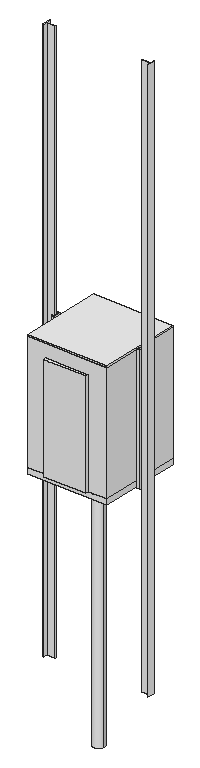
Revit family
Parameters (values of type "1500 lbs")
  Cab Location = 12' - 0"
  Width = 6' - 8"
  Pit Depth = 4' - 0"
  Height [instance] = 36' - 0"
  Door Opening = 2' - 8"
  Depth = 5' - 9"
  Cab Width = 4' - 10"
  Cab Height = 7' - 6"
  Cab Depth = 5' - 0"
Types (6): name | Width | Door Opening | Depth | Cab Width | Cab Depth
  (no name) | 6' - 8" | 2' - 8" | 5' - 9" | 4' - 10" | 5' - 0"
  1500 lbs | 6' - 8" | 2' - 8" | 5' - 9" | 4' - 10" | 5' - 0"
  2000 lbs | 7' - 4" | 3' - 0" | 5' - 9" | 6' - 0" | 5' - 0"
  2500 lbs | 8' - 4" | 3' - 6" | 5' - 9" | 7' - 0" | 5' - 0"
  3000 lbs | 8' - 4" | 3' - 6" | 6' - 3" | 7' - 0" | 5' - 6"
  3500 lbs | 8' - 4" | 4' - 0" | 6' - 11" | 7' - 0" | 6' - 2"
Reference planes (in)
  plane 1 "Center (Front/Back)": y = 0.1111
  plane 2: z = 0
  plane 3 "Center (Left/Right)": x = 0.29319
  plane 4 "Back": y = 34.6111
  plane 5 "Front": y = -34.3889
  plane 6 "Left": x = -39.70681
  plane 7 "Right": x = 40.29319
  plane 8: x = -28.70681
  plane 9: y = 31.6111
  plane 10: x = 29.29319
  plane 11: y = -28.3889
  plane 12: z = 432
  plane 13: z = -48
  plane 14: z = 144
  plane 15: z = 234
  plane 16: z = 140
  plane 17: z = 235
  plane 18: x = -15.70681
  plane 19: z = 224
  plane 20: x = 16.29319
Forms (in)
  Extrusion 1, solid, material "Metal - Steel"
    sketch origin (0, 0, 0) x (1, 0, 0) y (0, 1, 0)
      loop
        line (-28.70681, 31.6111) -> (-28.70681, -28.3889) -> (29.29319, -28.3889) -> (29.29319, 31.6111) -> (-28.70681, 31.6111)
      loop
        line (-30.20681, 33.1111) -> (-30.20681, -29.8889) -> (30.79319, -29.8889) -> (30.79319, 33.1111) -> (-30.20681, 33.1111)
    from 144 to 234
  Extrusion 2, solid, material "Metal - Steel"
    sketch origin (0, 0, 0) x (1, 0, 0) y (0, 1, 0)
      loop
        circle (0.29319, 0.1111) r 4
    from -48 to 140
  Extrusion 3, solid, material "Metal - Steel"
    sketch origin (0, 0, 0) x (1, 0, 0) y (0, 1, 0)
      loop
        line (-30.20681, 33.1111) -> (-30.20681, -29.8889) -> (30.79319, -29.8889) -> (30.79319, 33.1111) -> (-30.20681, 33.1111)
    from 140 to 144
  Extrusion 4, solid, material "Metal - Steel"
    sketch origin (0, 0, 0) x (1, 0, 0) y (0, 1, 0)
      loop
        line (-30.20681, 33.1111) -> (-30.20681, -29.8889) -> (30.79319, -29.8889) -> (30.79319, 33.1111) -> (-30.20681, 33.1111)
    from 234 to 235
  Extrusion 5, void
    sketch origin (0, 0.1111, 0) x (1, 0, 0) y (0, 0, 1)
      loop
        line (-15.70681, 224) -> (-15.70681, 144) -> (16.29319, 144) -> (16.29319, 224) -> (-15.70681, 224)
    from 28.5 to 30
  Extrusion 6, solid, material "Metal - Steel"
    sketch origin (0, 0.25, 0) x (1, 0, 0) y (0, 1, 0)
      loop
        line (-15.70681, -30.3889) -> (-15.70681, -32.3889) -> (16.29319, -32.3889) -> (16.29319, -30.3889) -> (-15.70681, -30.3889)
    from 144 to 224
  Extrusion 7, solid, material "Metal - Steel", detail levels medium+fine
    sketch origin (0, 0, 0) x (1, 0, 0) y (0, 1, 0)
      loop
        line (-39.70681, 3.1111) -> (-39.70681, -2.8889) -> (-39.20681, -2.8889) -> (-39.20681, -0.1389) -> (-32.95681, -0.1389) -> (-32.95681, 0.3611) -> (-39.20681, 0.3611) -> (-39.20681, 3.1111) -> (-39.70681, 3.1111)
      loop
        line (40.29319, 3.1111) -> (39.79319, 3.1111) -> (39.79319, 0.3611) -> (33.54319, 0.3611) -> (33.54319, -0.1389) -> (39.79319, -0.1389) -> (39.79319, -2.8889) -> (40.29319, -2.8889) -> (40.29319, 3.1111)
    from 0 to 432
  Extrusion 8, solid, material "Metal - Steel", detail levels medium+fine
    sketch origin (0, 0, 0) x (1, 0, 0) y (0, 1, 0)
      loop
        line (-33.45681, 3.1111) -> (-33.45681, 2.6111) -> (-31.95681, 2.6111) -> (-31.95681, -2.3889) -> (-33.45681, -2.3889) -> (-33.45681, -2.8889) -> (-31.45681, -2.8889) -> (-31.45681, 3.1111) -> (-33.45681, 3.1111)
      loop
        line (34.04319, 3.1111) -> (32.04319, 3.1111) -> (32.04319, -2.8889) -> (34.04319, -2.8889) -> (34.04319, -2.3889) -> (32.54319, -2.3889) -> (32.54319, 2.6111) -> (34.04319, 2.6111) -> (34.04319, 3.1111)
    from 140 to 235
Cuts and joins
  Extrusion 5 cuts Extrusion 1
  Extrusion 5 cuts Extrusion 2
  Extrusion 5 cuts Extrusion 3
  Extrusion 5 cuts Extrusion 4
Lines and regions (in)
  symbolic lines, style "InvisibleLines"
    curve 1: line (-39.70681, 34.6111, 0) -> (40.29319, 34.6111, 0)
    curve 2: line (-39.70681, -34.3889, 0) -> (-39.70681, 34.6111, 0)
    curve 3: line (40.29319, -34.3889, 0) -> (-39.70681, -34.3889, 0)
    curve 4: line (40.29319, 34.6111, 0) -> (40.29319, -34.3889, 0)
  symbolic lines, style "Elevator"
    curve 5: line (30.79319, 33.1111, 0) -> (-30.20681, 33.1111, 0)
    curve 6: line (30.79319, -29.8889, 0) -> (30.79319, 33.1111, 0)
    curve 8: line (-30.20681, 33.1111, 0) -> (-30.20681, -29.8889, 0)
    curve 29: line (-30.20681, 33.1111, 0) -> (30.79319, -29.8889, 0)
    curve 30: line (30.79319, 33.1111, 0) -> (-30.20681, -29.8889, 0)
  symbolic lines, style "Elevator", detail levels medium+fine
    curve 7: line (29.29319, 31.6111, 0) -> (29.29319, -28.3889, 0)
    curve 9: line (-28.70681, -28.3889, 0) -> (-28.70681, 31.6111, 0)
    curve 10: line (-28.70681, 31.6111, 0) -> (29.29319, 31.6111, 0)
    curve 11: line (-28.70681, -28.3889, 0) -> (-15.70681, -28.3889, 0)
    curve 12: line (-15.70681, -29.8889, 0) -> (-30.20681, -29.8889, 0)
    curve 13: line (-15.70681, -28.3889, 0) -> (-15.70681, -29.8889, 0)
    curve 14: line (30.79319, -29.8889, 0) -> (16.29319, -29.8889, 0)
    curve 15: line (16.29319, -28.3889, 0) -> (29.29319, -28.3889, 0)
    curve 16: line (16.29319, -29.8889, 0) -> (16.29319, -28.3889, 0)
    curve 17: line (-39.70681, -31.3889, 0) -> (-37.70681, -31.3889, 0)
    curve 18: line (-37.70681, -31.3889, 0) -> (-37.70681, -19.3889, 0)
    curve 19: line (-37.70681, -19.3889, 0) -> (-39.70681, -19.3889, 0)
    curve 20: line (-38.70681, -19.3889, 0) -> (-38.70681, -31.3889, 0)
    curve 21: line (-38.70681, -19.8889, 0) -> (-39.70681, -19.8889, 0)
    curve 22: line (-38.70681, -30.8889, 0) -> (-39.70681, -30.8889, 0)
    curve 23: line (-39.70681, -32.8889, 0) -> (40.29319, -32.8889, 0)
    curve 24: line (-15.70681, -30.1389, 0) -> (16.29319, -30.1389, 0)
    curve 25: line (-15.70681, -32.1389, 0) -> (-15.70681, -30.1389, 0)
    curve 26: line (16.29319, -32.1389, 0) -> (-15.70681, -32.1389, 0)
    curve 27: line (16.29319, -30.1389, 0) -> (16.29319, -32.1389, 0)
    curve 28: line (0.29319, -32.1389, 0) -> (0.29319, -30.1389, 0)
  symbolic lines, style "Elevator", detail levels coarse
    curve 31: line (-30.20681, -29.8889, 0) -> (30.79319, -29.8889, 0)
Dimensions and locks (in)
  "Width": plane 6 "Left" to plane 7 "Right"
  "Depth": plane 5 "Front" to plane 4 "Back"
  equal spacing: plane 5 "Front", plane 1 "Center (Front/Back)", plane 4 "Back"
  equal spacing: plane 6 "Left", plane 3 "Center (Left/Right)", plane 7 "Right"
  equal spacing: plane 8, plane 3 "Center (Left/Right)", plane 10
  "Cab Width": plane 8 to plane 10
  "Cab Depth": plane 11 to plane 9
  "Height": plane 2 to plane 12
  "Cab Height": plane 14 to plane 15
  "Cab Location": plane 2 to plane 14
  "Pit Depth": plane 2 to plane 13
  locked: plane 16 to plane 14 at 4
  locked: plane 15 to plane 17 at 1
  locked: plane 19 to plane 14 at 80
  "Door Opening": plane 20 to plane 18
  equal spacing: plane 20, plane 3 "Center (Left/Right)", plane 18
  plane 9 to plane 4 "Back" = 0' - 3"
  aligned and locked: plane 8 to Extrusion 1 sketch curve
  aligned and locked: plane 9 to Extrusion 1 sketch curve
  aligned and locked: Extrusion 1 sketch curve to plane 10
  aligned and locked: Extrusion 1 sketch curve to plane 11
  aligned and locked: Extrusion 1 to plane 15
  aligned and locked: plane 13 to Extrusion 2
  aligned and locked: plane 14 to Extrusion 1
  aligned and locked: Extrusion 3 sketch curve to Extrusion 1  (x4)
  aligned and locked: Extrusion 1 to Extrusion 4 sketch curve
  aligned and locked: Extrusion 4 sketch curve to Extrusion 1  (x3)
  aligned and locked: Extrusion 4 to plane 17
  aligned and locked: Extrusion 4 to Extrusion 1
  aligned and locked: plane 18 to Extrusion 5 sketch curve
  aligned and locked: plane 19 to Extrusion 5 sketch curve
  aligned and locked: plane 14 to Extrusion 5 sketch curve
  aligned and locked: Extrusion 5 sketch curve to plane 20
  aligned and locked: Extrusion 1 to Extrusion 5
  aligned and locked: Extrusion 5 to plane 11
  aligned and locked: Extrusion 6 to plane 19
  aligned and locked: Extrusion 7 to plane 12
  aligned and locked: Extrusion 8 to plane 17
  aligned and locked: plane 16 to Extrusion 8
  aligned and locked: plane 16 to cut or joined group of Extrusion 3, Extrusion 5
  aligned and locked: cut or joined group of Extrusion 3, Extrusion 5 to plane 14
  aligned and locked: curve 5 to cut or joined group of Extrusion 3, Extrusion 5
  aligned and locked: curve 6 to cut or joined group of Extrusion 3, Extrusion 5
  aligned and locked: curve 7 to cut or joined group of Extrusion 1, Extrusion 5
  aligned and locked: curve 9 to cut or joined group of Extrusion 1, Extrusion 5
  aligned and locked: curve 10 to cut or joined group of Extrusion 1, Extrusion 5
  aligned and locked: curve 11 to cut or joined group of Extrusion 1, Extrusion 5
  aligned and locked: curve 13 to cut or joined group of Extrusion 1, Extrusion 5
  aligned and locked: curve 14 to cut or joined group of Extrusion 1, Extrusion 5
  aligned and locked: curve 16 to cut or joined group of Extrusion 1, Extrusion 5
  aligned and locked: plane 14 to Extrusion 6
  aligned and locked: cut or joined group of Extrusion 2, Extrusion 5 to plane 16
Automatic sketch dimensions
  plane 11 to Extrusion 1 sketch curve = 0' - 1 1/2"
  Extrusion 1 sketch curve to plane 8 = 0' - 1 1/2"
  Extrusion 1 sketch curve to plane 9 = 0' - 1 1/2"
  Extrusion 1 sketch curve to plane 10 = 0' - 1 1/2"
  Extrusion 2 sketch curve to plane 1 "Center (Front/Back)" = 0' - 0"
  Extrusion 2 sketch curve to plane 3 "Center (Left/Right)" = 0' - 0"
  Extrusion 2 sketch curve to plane 3 "Center (Left/Right)" = 0' - 4"
  Extrusion 6 sketch curve to plane 18 = 0' - 0"
  Extrusion 6 sketch curve to plane 20 = 0' - 0"
  Extrusion 6 sketch curve to plane 5 "Front" = 0' - 2 1/4"
  Extrusion 6 sketch curve to Extrusion 6 sketch curve = 0' - 2"
  Extrusion 7 sketch curve to plane 6 "Left" = 0' - 0"
  Extrusion 7 sketch curve to plane 7 "Right" = 0' - 0"
  Extrusion 7 sketch curve to plane 1 "Center (Front/Back)" = 0' - 0 1/4"  (x2)
  plane 6 "Left" to Extrusion 7 sketch curve = 0' - 0 1/2"
  Extrusion 7 sketch curve to Extrusion 7 sketch curve = 0' - 0 1/2"  (x2)
  plane 1 "Center (Front/Back)" to Extrusion 7 sketch curve = 0' - 0 1/4"  (x2)
  plane 7 "Right" to Extrusion 7 sketch curve = 0' - 0 1/2"
  Extrusion 7 sketch curve to Extrusion 7 sketch curve = 0' - 2 3/4"  (x4)
  Extrusion 7 sketch curve to plane 8 = 0' - 4 1/4"
  Extrusion 7 sketch curve to plane 10 = 0' - 4 1/4"
  Extrusion 8 sketch curve to plane 8 = 0' - 4 3/4"  (x2)
  Extrusion 8 sketch curve to Extrusion 8 sketch curve = 0' - 1 1/2"  (x3)
  Extrusion 8 sketch curve to Extrusion 8 sketch curve = 0' - 0 1/2"  (x6)
  Extrusion 8 sketch curve to plane 10 = 0' - 2 3/4"
  plane 1 "Center (Front/Back)" to Extrusion 8 sketch curve = 0' - 3"  (x2)
  Extrusion 8 sketch curve to plane 1 "Center (Front/Back)" = 0' - 2 1/2"  (x2)
  curve 3 to plane 5 "Front" = 0' - 0"
  curve 3 to plane 6 "Left" = 0' - 0"
  curve 22 to plane 6 "Left" = 0' - 0"
  curve 19 to plane 6 "Left" = 0' - 0"
  curve 17 to plane 6 "Left" = 0' - 0"
  curve 23 to plane 6 "Left" = 0' - 0"
  curve 21 to plane 6 "Left" = 0' - 0"
  curve 24 to plane 18 = 0' - 0"
  curve 28 to plane 3 "Center (Left/Right)" = 0' - 0"
  curve 27 to plane 20 = 0' - 0"
  curve 23 to plane 7 "Right" = 0' - 0"
  curve 4 to plane 7 "Right" = 0' - 0"
  curve 15 to plane 11 = 0' - 0"
  curve 4 to plane 4 "Back" = 0' - 0"
  curve 19 to curve 20 = 0' - 1"
  curve 20 to curve 19 = 0' - 1"
  curve 8 to plane 8 = 0' - 1 1/2"
  curve 23 to plane 5 "Front" = 0' - 1 1/2"
  curve 26 to plane 5 "Front" = 0' - 2 1/4"
  curve 23 to curve 17 = 0' - 1 1/2"
  curve 20 to curve 22 = 0' - 0 1/2"
  curve 27 to curve 14 = 0' - 0 1/4"
  curve 21 to plane 11 = 0' - 8 1/2"
  curve 21 to curve 19 = 0' - 0 1/2"
